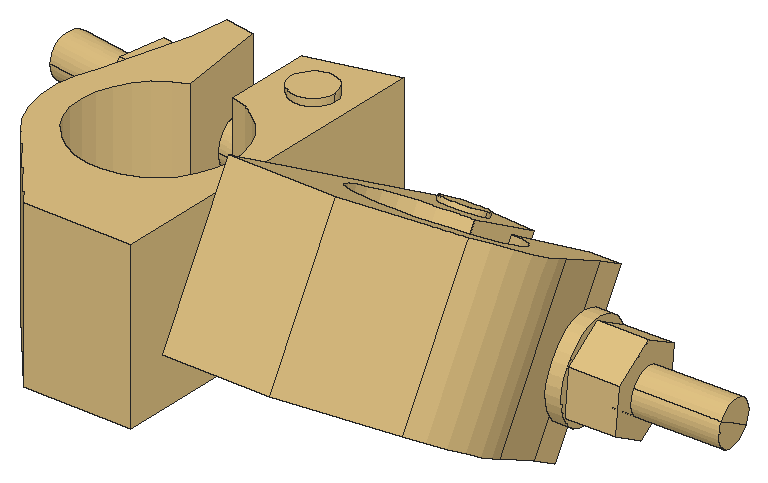
Revit family "SWIVEL COUPLER 42-42_2012400", category Modelos genéricos, Revit 2018
Family settings
  Puede alojar armadura = No
  Cota de conector redondo = Diámetro de uso
  Tipo de pieza = Normal
  Número OmniClass = 35.51.14.00
  Título OmniClass = FORMWORK
  Se basa en plano de trabajo = Sí
  Siempre vertical = No
  Corte con vacíos al cargar = No
  Compartido = Sí
  Punto de cálculo de habitación = No
Parameters
  VERSION = "20170217"  # constant formula
  URL = "www.ulmaconstruction.com/en"
  UNICLASS = ""
  Fabricante = "ULMA CONSTRUCTION"  # constant formula
  ITEM_CODE = "2012400"
  FILTER [instance] = ""
  Default Elevation = 0.000 mm
  CLASSIFICATION_TITLE = ""
  CLASSIFICATION_NUMBER = ""
  ANGLE [instance] = 30.00°
Reference planes
  plane 1 "Centro (Frontal/Posterior)": y = 0
  plane 2: z = 0
  plane 3 "Centro (Izquierda/Derecha)": x = 0
  plane 4: x = 34
  plane 5 "CENTER": x = 67
Forms (mm)
  Revolve 1, solid, material "ULMA BICHROMATE", detail levels coarse+medium
    sketch origin (0, 0, 0) x (1, 0, 0) y (0, 1, 0)
      loop
        line (42, 14) -> (25, 14) -> (25, 0) -> (42, 0) -> (42, 14)
      axis (25, 0) -> (42, 0)
    angle from 0 to 360
Lines and regions (mm)
  reference lines
    curve 1: line (34, 0, 0) -> (34, 108.253, -62.5)
Dimensions and locks
  "ANGLE": angle curve 1 to plane 2
  aligned and locked: level to plane 2
Automatic sketch dimensions
  curve 1 to level = 0.000 mm
  curve 1 to plane 1 "Centro (Frontal/Posterior)" = 0.000 mm
  plane 1 "Centro (Frontal/Posterior)" to Revolve 1 sketch curve = 0.000 mm
  Revolve 1 sketch curve to plane 4 = 9.000 mm
  Revolve 1 sketch curve to plane 1 "Centro (Frontal/Posterior)" = 14.000 mm
  plane 4 to Revolve 1 sketch curve = 8.000 mm
Nested families
  nested 1: "SEMIABRAZADERA D42_2012500_FIXING ITEMS" at (33, 0, 0), type "SEMIABRAZADERA D42_2012500_FIXING ITEMS"
    with FILTER ""
  nested 2: "SEMIABRAZADERA D42_2012500_FIXING ITEMS" at (34, 0, 0) x (-1, 0, 0) z (0, -0.5, -0.866), type "SEMIABRAZADERA D42_2012500_FIXING ITEMS"
    with FILTER ""
Definition of nested family "SEMIABRAZADERA D42_2012500_FIXING ITEMS"
  Parameters (values of type "SEMIABRAZADERA D42_2012500_FIXING ITEMS")
    VERSION = "20170217"  # constant formula
    URL = "www.ulmaconstruction.com/en"
    UNICLASS = ""
    Manufacturer = "ULMA CONSTRUCTION"  # constant formula
    ITEM_CODE = "2012500"
    FILTER [instance] = ""
    Default Elevation = 0.000 mm
    CLASSIFICATION_TITLE = ""
    CLASSIFICATION_NUMBER = ""
  Reference planes
    plane 1 "Centro (Frontal/Posterior)": y = 0
    plane 2: z = 0
    plane 3 "Centro (Izquierda/Derecha)": x = 0
    plane 4 "CENTER": x = -33
  Forms (mm)
    Extrusion 1, solid, detail levels fine
      sketch origin (17, 0, 0) x (0, 1, 0) y (-1, 0, 0)
        loop
          arc (20.616, 46) -> (-20.949, 48.54) -> (19.861, 56.821) r 21
          line (19.861, 56.821) -> (45.227, 60.161) -> (46.24, 68.136) -> (36.241, 69.453) -> (12.735, 76.329)
          arc (12.735, 76.329) -> (-3.883, 78.911) -> (-19.279, 72.146) r 30
          line (-19.279, 72.146) -> (-43, 52.242) -> (-43, 23) -> (50.34, 23) -> (44.177, 46) -> (20.616, 46)
      from -22.809 to 22.191
    Extrusion 2, solid, detail levels fine
      sketch origin (17, 0, 0) x (0, 1, 0) y (-1, 0, 0)
        loop
          circle (33.241, 34.208) r 6
      from -24 to 24
    Revolve 3, solid, detail levels fine
      sketch origin (6.512, -8.141, 0) x (0.275637, 0.961262, 0) y (-0.961262, 0.275637, 0)
        loop
          line (23.321, 109.558) -> (33.241, 34.208) -> (39.189, 34.991) -> (37.834, 45.288) -> (36.035, 58.951) -> (32.891, 82.834) -> (29.269, 110.341) -> (23.321, 109.558)
        axis (33.241, 34.208) -> (23.321, 109.558)
      angle from 0 to 360
    Extrusion 4, solid, detail levels fine
      sketch origin (-97.904, 7.464, 0) x (0.147809, 0.989016, 0) y (0, 0, -1)
        loop
          line (31.07, 11) -> (24.72, 0) -> (31.07, -11) -> (43.772, -11) -> (50.123, 0) -> (43.772, 11) -> (31.07, 11)
      from -35.197 to -22.197
    Extrusion 5, solid, detail levels fine
      sketch origin (-97.904, 7.464, 0) x (0.147809, 0.989016, 0) y (0, 0, -1)
        loop
          circle (37.421, 0) r 13
      from -39.197 to -35.197
    Revolve 6, solid, detail levels fine
      sketch origin (27, 0, 0) x (-1, 0, 0) y (0, 0, 1)
        loop
          line (33, 19) -> (27, 19) -> (27, 0) -> (33, 0) -> (33, 19)
        axis (33, 0) -> (27, 0)
      angle from 0 to 360
    Revolve 7, solid, detail levels coarse+medium
      sketch origin (0, 0, 0) x (1, 0, 0) y (0, 1, 0)
        loop
          arc (-33, -25) -> (-8, 0) -> (-33, 25) r 25
          line (-33, 25) -> (-33, -25)
        axis (-33, -25) -> (-33, 25)
      angle from 0 to 360
  Dimensions and locks
    locked: plane 4 "CENTER" to plane 3 "Centro (Izquierda/Derecha)" at 33
    aligned and locked: level to plane 2
